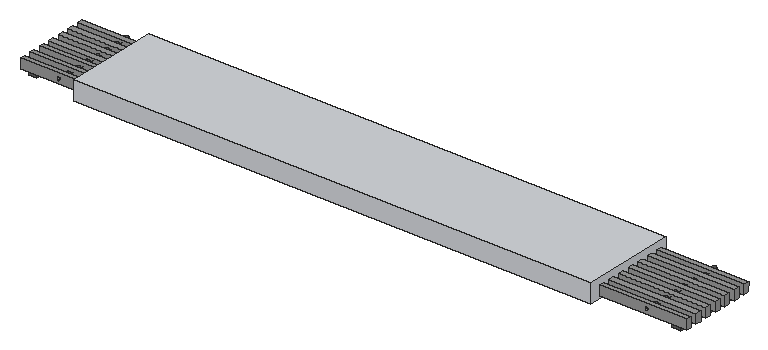
Revit family "1212-7, Solid", category Generic Models, host Face, Revit 2020
Family settings
  Host = Face
  Can host rebar = No
  Round Connector Dimension = Use Diameter
  Part Type = Normal
  Cut with Voids When Loaded = No
  Shared = No
  Room Calculation Point = No
Parameters
  min_value [instance] = 1' - 11 1/4"  # constant formula
  max_value [instance] = 11' - 11 1/4"  # constant formula
  actual_value [instance] = if(NET LENGTH < min_value, min_value, if(NET LENGTH > max_value, max_value, NET LENGTH))  # 7' - 11 1/4"
  NET LENGTH [instance] = 7' - 11 1/4"
  IMPORTANT NOTE!!!                                                                             *Backer & dowel layout is for visualization purposes only, final layout to be determined by 9Wood. [instance] = ""
  Default Elevation = 4' - 0"
  DOWEL RADIUS [instance] = 0' - 0 1/4"  # constant formula
  BACKING M MATERIAL [instance] = BLACK-BACKERS
  .. MEMBER WIDTH [instance] = 0' - 0 3/4"  # constant formula
  .. MEMBER MATERIAL [instance] = Solid Western Hemlock
  .. MEMBER DEPTH [instance] = 0' - 1 3/8"  # constant formula
  .. MEMBER COUNT [instance] = 7  # constant formula
Reference planes (in)
  plane 1 "Center (Front/Back)": y = 0
  plane 2: z = 2.726
  plane 3 "Center (Left/Right)": x = 0
Forms (in)
  Extrusion 1, solid
    sketch origin (15, -0.86619, -0.99308) x (0, 1, 0) y (-1, 0, 0)
      loop
        line (3.42869, -23.66817) -> (3.42869, 50.25) -> (-10, 50.25) -> (-10, -23.66817) -> (3.42869, -23.66817)
    from 3.71908 to 1.00111
Dimensions and locks (in)
  aligned and locked: plane 2 to Extrusion 1
Nested families (in)
  nested 1: "1200 Series" at (-44, -2, 1.87867), NET LENGTH <- "actual_value", DOWEL RADII <- "DOWEL RADIUS", .. MEMBER WIDTH <- ".. MEMBER WIDTH", .. MEMBER DEPTH <- ".. MEMBER DEPTH", .. MEMBER MATERIAL <- ".. MEMBER MATERIAL", BACKING M MATERIAL <- "BACKING M MATERIAL", .. MEMBER COUNT <- ".. MEMBER COUNT", type "1200 Series"
    with X 7' - 4", WIDTH 1' - 0 1/16", Space 0' - 0 11/16", START 0' - 0 3/8", SCRIM MATERIAL SCRIM, SCRIM 3 8' - 1", SCRIM 2 0' - 0 7/8", SCRIM 1 0' - 0 3/32", SCRIM yes, NET LENGTH 7' - 11 1/4", N 8, INSET 3 0' - 0 3/16", INSET 0' - 1", INDEX 0' - 5 5/8", END BACKER yes, DOWEL RADII 0' - 0 1/4", DOWEL COUNT 8, BACKING M WIDTH 0' - 1 1/4", BACKING M MATERIAL BLACK-BACKERS, BACKING M LENGTH 0' - 11 7/8", BACKING M DEPTH 0' - 0 1/2", .. MEMBER WIDTH 0' - 0 3/4", .. MEMBER OC TYP 0' - 1.71429", .. MEMBER MATERIAL Solid Western Hemlock, .. MEMBER DEPTH 0' - 1 3/8", .. MEMBER COUNT 7
Definition of nested family "1200 Series"
  Parameters (values of type "1200 Series")
    X [instance] = NET LENGTH - (0' 3 5/8" * 2)  # 6' - 2"
    WIDTH [instance] = 1' - 0 1/16"
    Space [instance] = 0' - 0 11/16"  # constant formula
    START [instance] = .. MEMBER WIDTH / 2  # 0' - 0 3/8"
    SCRIM MATERIAL [instance] = none
    SCRIM 3 [instance] = NET LENGTH + (SCRIM 2 * 2)  # 6' - 11"
    SCRIM 2 [instance] = 0' - 0 7/8"
    SCRIM 1 [instance] = 0' - 0 3/32"
    SCRIM [instance] = yes
    NET LENGTH [instance] = 6' - 9 1/4"
    N [instance] = if((X - (rounddown(X / 1' 0") * 1' 0")) > 1' 0", rounddown(X / 1' 0") + 2, rounddown(X / 1' 0") + 1)  # 7
    INSET 3 [instance] = 0' - 0 3/16"
    INSET [instance] = 0' - 1"
    INDEX [instance] = (NET LENGTH - ((N - 1) * 1' 0")) / 2  # 0' - 4 5/8"
    END BACKER [instance] = yes
    Default Elevation = 0' - 0"
    DOWEL RADII [instance] = 0' - 0 1/4"
    DOWEL COUNT [instance] = N  # 7
    BACKING M WIDTH [instance] = 0' - 1 1/4"
    BACKING M MATERIAL [instance] = none
    BACKING M LENGTH [instance] = 0' - 11 7/8"
    BACKING M DEPTH [instance] = 0' - 0 1/2"
    .. MEMBER WIDTH [instance] = 0' - 0 3/4"
    .. MEMBER OC TYP [instance] = 1' 0" / .. MEMBER COUNT  # 0' - 3"
    .. MEMBER MATERIAL [instance] = none
    .. MEMBER DEPTH [instance] = 0' - 1 3/8"
    .. MEMBER COUNT [instance] = 4
  Reference planes (in)
    plane 1 "Center (Front/Back)": y = -7.5
    plane 2: z = 0
    plane 3 "Center (Left/Right)": x = 0
    plane 4: x = 1
    plane 5: x = 4.625
    plane 6: x = 81.25
    plane 7: x = 80.25
    plane 8: x = 16.625
    plane 9: y = -7.3125
    plane 10: y = -4.125
    plane 11: y = -7.125
    plane 12: y = 4.5625
    plane 13: y = -4.5
    plane 14: y = -7.59375
    plane 15: x = 82.125
    plane 16: y = 4.65625
    plane 17: x = -0.875
    plane 18: z = -1.375
    plane 19: z = -0.6875
  Lines and regions (in)
    model lines
      curve 1: line (4.375, -7.5, -0.6875) -> (4.875, -7.5, -0.6875)
    model lines, not visible
      curve 2: line (4.625, -7.5, -0.9375) -> (4.625, -7.5, -0.4375)
      curve 3: line (4.375, -7.5, -0.6875) -> (4.875, -7.5, -0.6875)
      curve 4: line (16.625, -7.5, -0.9375) -> (16.625, -7.5, -0.4375)
      curve 5: line (16.375, -7.5, -0.6875) -> (16.875, -7.5, -0.6875)
      curve 6: line (28.625, -7.5, -0.9375) -> (28.625, -7.5, -0.4375)
      curve 7: line (28.375, -7.5, -0.6875) -> (28.875, -7.5, -0.6875)
      curve 8: line (40.625, -7.5, -0.9375) -> (40.625, -7.5, -0.4375)
      curve 9: line (40.375, -7.5, -0.6875) -> (40.875, -7.5, -0.6875)
      curve 10: line (52.625, -7.5, -0.9375) -> (52.625, -7.5, -0.4375)
      curve 11: line (52.375, -7.5, -0.6875) -> (52.875, -7.5, -0.6875)
      curve 12: line (64.625, -7.5, -0.9375) -> (64.625, -7.5, -0.4375)
      curve 13: line (64.375, -7.5, -0.6875) -> (64.875, -7.5, -0.6875)
      curve 14: line (76.625, -7.5, -0.9375) -> (76.625, -7.5, -0.4375)
      curve 15: line (76.375, -7.5, -0.6875) -> (76.875, -7.5, -0.6875)
  Dimensions and locks (in)
    "NET LENGTH": plane 3 "Center (Left/Right)" to plane 6
    "INSET": plane 7 to plane 6
    "INDEX": plane 3 "Center (Left/Right)" to plane 5
    plane 5 to plane 8 = 1' - 0"
    "INSET 3": plane 1 "Center (Front/Back)" to plane 9
    equal spacing: group 1, group 2, group 3, group 4  (x3)
    "START": plane 11 to plane 1 "Center (Front/Back)"
    ".. MEMBER OC TYP": plane 10 to plane 11
    "WIDTH": plane 12 to plane 1 "Center (Front/Back)"
    "START": plane 10 to plane 13
    "SCRIM 1": plane 14 to plane 1 "Center (Front/Back)"
    "SCRIM 2": plane 6 to plane 15
    "SCRIM 1": plane 12 to plane 16
    "SCRIM 2": plane 17 to plane 3 "Center (Left/Right)"
    "INSET": plane 3 "Center (Left/Right)" to plane 4
    equal spacing: group 5, group 6, group 7, group 8, group 9, group 10, group 11  (x3)
    "Space": plane 19 to plane 18
    aligned and locked: level to plane 2
    aligned and locked: nested 1 to plane 4  (x2)
    aligned and locked: plane 7 to nested 2
    aligned and locked: plane 5 to nested 3
    aligned and locked: nested 1 to plane 9
    aligned and locked: plane 1 "Center (Front/Back)" to nested 4
    aligned and locked: plane 9 to nested 2
    aligned and locked: plane 13 to nested 5
    aligned and locked: nested 3 to plane 9
    aligned and locked: plane 18 to nested 1
    aligned and locked: plane 19 to nested 3
    aligned and locked: curve 1 to plane 19
    aligned and locked: plane 8 to curve 4
    aligned and locked: curve 5 to plane 19
    aligned and locked: nested 4 to plane 18
  Automatic sketch dimensions
    curve 1 to curve 1 = 0' - 0 1/2"
    curve 1 to plane 5 = 0' - 0 1/4"
    plane 5 to curve 1 = 0' - 0 1/4"
    curve 3 to curve 2 = 0' - 0 1/4"  (x2)
    curve 2 to curve 3 = 0' - 0 1/4"  (x2)
    curve 5 to curve 4 = 0' - 0 1/4"  (x2)
    curve 4 to curve 5 = 0' - 0 1/4"  (x2)
    curve 7 to curve 6 = 0' - 0 1/4"  (x2)
    curve 6 to curve 7 = 0' - 0 1/4"  (x2)
    curve 9 to curve 8 = 0' - 0 1/4"  (x2)
    curve 8 to curve 9 = 0' - 0 1/4"  (x2)
    curve 11 to curve 10 = 0' - 0 1/4"  (x2)
    curve 10 to curve 11 = 0' - 0 1/4"  (x2)
    curve 13 to curve 12 = 0' - 0 1/4"  (x2)
    curve 12 to curve 13 = 0' - 0 1/4"  (x2)
    curve 15 to curve 14 = 0' - 0 1/4"  (x2)
    curve 14 to curve 15 = 0' - 0 1/4"  (x2)
  Nested families (in)
    nested 1: "INSTANCE - 2ND -  EXTEND SIDE H CENTER W - Parametric Cube" at (1, -1.375, -1.375) x (0, -1, 0) z (0, 0, 1), Width <- "BACKING M LENGTH", Length <- "BACKING M WIDTH", Material <- "BACKING M MATERIAL", Height <- "BACKING M DEPTH", visible <- "END BACKER", type "INSTANCE - 2ND -  EXTEND SIDE H CENTER W - Parametric Cube"
      with Width 0' - 11 7/8", Material none, Length 0' - 1 1/4", Height 0' - 0 1/2"
    nested 2: "INSTANCE - 2ND -  EXTEND SIDE H CENTER W - Parametric Cube" at (80.25, -1.375, -1.375) x (0, -1, 0) z (0, 0, 1), Width <- "BACKING M LENGTH", Length <- "BACKING M WIDTH", Material <- "BACKING M MATERIAL", Height <- "BACKING M DEPTH", visible <- "END BACKER", type "INSTANCE - 2ND -  EXTEND SIDE H CENTER W - Parametric Cube"
      with Width 0' - 11 7/8", Material none, Length 0' - 1 1/4", Height 0' - 0 1/2"
    nested 3: "Family3" at (-5.375, -7.3125, -0.6875), DOWEL RADII <- "DOWEL RADII", BACKING MEM MATERIAL <- "BACKING M MATERIAL", type "Family3"
      with DOWEL RADII 0' - 0 1/4", DOWEL LENGTH 0' - 11 7/8", BACKING MEM MATERIAL none
    nested 4: "HOLED MEMBER" at (0, -18.75, 6.19404), DOWEL RADII <- "DOWEL RADII", .. MEMBER LENGTH <- "NET LENGTH", DOWEL COUNT <- "DOWEL COUNT", DEPTH <- ".. MEMBER DEPTH", .. MEMBER WIDTH <- ".. MEMBER WIDTH", Material <- ".. MEMBER MATERIAL", DOWEL INDEX <- "INDEX", Space 2 <- "Space", type "HOLED MEMBER"
      with Width 0' - 6", Space 2 0' - 0 11/16", Material none, Length 1' - 0", Height 0' - 10.43096", DOWEL RADII 0' - 0 1/4", DOWEL OC DIST 1' - 0", DOWEL INDEX 0' - 4 5/8", DOWEL COUNT 7, DEPTH 0' - 1 3/8", .. MEMBER WIDTH 0' - 0 3/4", .. MEMBER LENGTH 6' - 9 1/4"
    nested 5: "HOLED MEMBER" at (0, -15.75, 6.19404), DOWEL RADII <- "DOWEL RADII", .. MEMBER LENGTH <- "NET LENGTH", DOWEL COUNT <- "DOWEL COUNT", DEPTH <- ".. MEMBER DEPTH", .. MEMBER WIDTH <- ".. MEMBER WIDTH", Material <- ".. MEMBER MATERIAL", DOWEL INDEX <- "INDEX", Space 2 <- "Space", type "HOLED MEMBER"
      with Width 0' - 6", Space 2 0' - 0 11/16", Material none, Length 1' - 0", Height 0' - 10.43096", DOWEL RADII 0' - 0 1/4", DOWEL OC DIST 1' - 0", DOWEL INDEX 0' - 4 5/8", DOWEL COUNT 7, DEPTH 0' - 1 3/8", .. MEMBER WIDTH 0' - 0 3/4", .. MEMBER LENGTH 6' - 9 1/4"
    nested 6: "HOLED MEMBER" at (0, -12.75, 6.19404), DOWEL RADII <- "DOWEL RADII", .. MEMBER LENGTH <- "NET LENGTH", DOWEL COUNT <- "DOWEL COUNT", DEPTH <- ".. MEMBER DEPTH", .. MEMBER WIDTH <- ".. MEMBER WIDTH", Material <- ".. MEMBER MATERIAL", DOWEL INDEX <- "INDEX", Space 2 <- "Space", type "HOLED MEMBER"
      with Width 0' - 6", Space 2 0' - 0 11/16", Material none, Length 1' - 0", Height 0' - 10.43096", DOWEL RADII 0' - 0 1/4", DOWEL OC DIST 1' - 0", DOWEL INDEX 0' - 4 5/8", DOWEL COUNT 7, DEPTH 0' - 1 3/8", .. MEMBER WIDTH 0' - 0 3/4", .. MEMBER LENGTH 6' - 9 1/4"
    nested 7: "HOLED MEMBER" at (0, -9.75, 6.19404), DOWEL RADII <- "DOWEL RADII", .. MEMBER LENGTH <- "NET LENGTH", DOWEL COUNT <- "DOWEL COUNT", DEPTH <- ".. MEMBER DEPTH", .. MEMBER WIDTH <- ".. MEMBER WIDTH", Material <- ".. MEMBER MATERIAL", DOWEL INDEX <- "INDEX", Space 2 <- "Space", type "HOLED MEMBER"
      with Width 0' - 6", Space 2 0' - 0 11/16", Material none, Length 1' - 0", Height 0' - 10.43096", DOWEL RADII 0' - 0 1/4", DOWEL OC DIST 1' - 0", DOWEL INDEX 0' - 4 5/8", DOWEL COUNT 7, DEPTH 0' - 1 3/8", .. MEMBER WIDTH 0' - 0 3/4", .. MEMBER LENGTH 6' - 9 1/4"
    nested 8: "Family3" at (6.625, -7.3125, -0.6875), DOWEL RADII <- "DOWEL RADII", BACKING MEM MATERIAL <- "BACKING M MATERIAL", type "Family3"
      with DOWEL RADII 0' - 0 1/4", DOWEL LENGTH 0' - 11 7/8", BACKING MEM MATERIAL none
    nested 9: "Family3" at (18.625, -7.3125, -0.6875), DOWEL RADII <- "DOWEL RADII", BACKING MEM MATERIAL <- "BACKING M MATERIAL", type "Family3"
      with DOWEL RADII 0' - 0 1/4", DOWEL LENGTH 0' - 11 7/8", BACKING MEM MATERIAL none
    nested 10: "Family3" at (30.625, -7.3125, -0.6875), DOWEL RADII <- "DOWEL RADII", BACKING MEM MATERIAL <- "BACKING M MATERIAL", type "Family3"
      with DOWEL RADII 0' - 0 1/4", DOWEL LENGTH 0' - 11 7/8", BACKING MEM MATERIAL none
    nested 11: "Family3" at (42.625, -7.3125, -0.6875), DOWEL RADII <- "DOWEL RADII", BACKING MEM MATERIAL <- "BACKING M MATERIAL", type "Family3"
      with DOWEL RADII 0' - 0 1/4", DOWEL LENGTH 0' - 11 7/8", BACKING MEM MATERIAL none
    nested 12: "Family3" at (54.625, -7.3125, -0.6875), DOWEL RADII <- "DOWEL RADII", BACKING MEM MATERIAL <- "BACKING M MATERIAL", type "Family3"
      with DOWEL RADII 0' - 0 1/4", DOWEL LENGTH 0' - 11 7/8", BACKING MEM MATERIAL none
    nested 13: "Family3" at (66.625, -7.3125, -0.6875), DOWEL RADII <- "DOWEL RADII", BACKING MEM MATERIAL <- "BACKING M MATERIAL", type "Family3"
      with DOWEL RADII 0' - 0 1/4", DOWEL LENGTH 0' - 11 7/8", BACKING MEM MATERIAL none
  Definition of nested family "INSTANCE - 2ND -  EXTEND SIDE H CENTER W - Parametric Cube"
    Parameters (values of type "INSTANCE - 2ND -  EXTEND SIDE H CENTER W - Parametric Cube")
      Width [instance] = 0' - 6"
      Material [instance] = none
      Length [instance] = 1' - 0"
      Height [instance] = 1' - 6"
      Default Elevation = 0' - 0"
    Reference planes (in)
      plane 1 "Center (Front/Back)": y = 0
      plane 2: z = 0
      plane 3 "Center (Left/Right)": x = 0
      plane 4: x = -3
      plane 5: x = 3
      plane 6: y = 12
      plane 7: z = -18
    Forms (in)
      Extrusion 1, solid, material <- "Material"
        sketch origin (0, 6, 0) x (1, 0, 0) y (0, 1, 0)
          loop
            line (-3, 6) -> (-3, -6) -> (3, -6) -> (3, 6) -> (-3, 6)
        from -18 to 0
    Dimensions and locks (in)
      equal spacing: plane 4, plane 3 "Center (Left/Right)", plane 5
      "Width": plane 4 to plane 5
      "Height": plane 7 to level
      "Length": plane 1 "Center (Front/Back)" to plane 6
      aligned and locked: plane 2 to level
      aligned and locked: plane 4 to Extrusion 1 sketch curve
      aligned and locked: Extrusion 1 sketch curve to plane 5
      aligned and locked: Extrusion 1 to plane 7
      aligned and locked: plane 6 to Extrusion 1
    Automatic sketch dimensions
      plane 1 "Center (Front/Back)" to Extrusion 1 sketch curve = 0' - 0"
      plane 6 to Extrusion 1 sketch curve = 0' - 0"
  Definition of nested family "Family3"
    Parameters (values of type "Family3")
      Default Elevation = 0' - 0"
      DOWEL RADII [instance] = 0' - 0 5/8"
      DOWEL LENGTH [instance] = 0' - 5"
      BACKING MEM MATERIAL [instance] = none
    Reference planes (in)
      plane 1 "Center (Front/Back)": y = 0
      plane 2: z = 0
      plane 3 "Center (Left/Right)": x = 0
      plane 4: y = 5
    Forms (in)
      Extrusion 1, solid, material <- "BACKING MEM MATERIAL"
        sketch origin (10, 0, 0) x (1, 0, 0) y (0, 0, 1)
          loop
            circle (0, 0) r 0.625
        from 0 to -5
      Extrusion 2, solid, not visible
        sketch origin (0, 0, 0) x (1, 0, 0) y (0, 0, 1)
          loop
            circle (0, 0) r 0.625
        from 0 to 12
      Extrusion 3, solid, not visible
        sketch origin (10, 0, 0) x (1, 0, 0) y (0, 0, 1)
          loop
            circle (0, 0) r 0.625
        from 0 to 2.5
      Extrusion 4, solid, not visible
        sketch origin (10, 0, 0) x (1, 0, 0) y (0, 0, 1)
          loop
            circle (0, 0) r 0.625
        from 0 to -12
    Lines and regions (in)
      model lines, not visible
        curve 1: line (-13, 0, 0) -> (-13, -12, 0)
        curve 2: line (13, 0, 0) -> (13, -12, 0)
        curve 3: line (9.89453, 0, 0) -> (10.08794, 0, 0)
        curve 4: line (9.89453, -2.5, 0) -> (10.08794, -2.5, 0)
        curve 6: line (10, 0, 0) -> (10, 2, 0)
      model lines
        curve 5: line (10, 0, 0) -> (10, 2, 0)
    Dimensions and locks (in)
      "DOWEL LENGTH": plane 1 "Center (Front/Back)" to plane 4
      "DOWEL RADII": radius of Extrusion 1 sketch curve
      "DOWEL RADII": radius of Extrusion 2 sketch curve
      "DOWEL RADII": radius of Extrusion 3 sketch curve
      "DOWEL RADII": radius of Extrusion 4 sketch curve
      "DOWEL RADII": radius of Extrusion 1
      aligned and locked: plane 2 to level
      aligned and locked: Extrusion 1 to plane 1 "Center (Front/Back)"  (x3)
      aligned and locked: plane 1 "Center (Front/Back)" to Extrusion 1
      aligned and locked: plane 4 to Extrusion 1
    Automatic sketch dimensions
      plane 1 "Center (Front/Back)" to curve 5 = 0' - 0"
      curve 5 to plane 1 "Center (Front/Back)" = 0' - 2"
      plane 3 "Center (Left/Right)" to curve 5 = 0' - 10"
      Extrusion 1 sketch curve to level = 0' - 0"
      plane 3 "Center (Left/Right)" to Extrusion 1 sketch curve = 0' - 10"
  Definition of nested family "HOLED MEMBER"
    Parameters (values of type "HOLED MEMBER")
      Width [instance] = 0' - 6"
      Space 2 [instance] = 0' - 0 5/8"
      Space = 0' - 0 5/8"
      Material [instance] = none
      Length [instance] = 1' - 0"
      Height [instance] = 0' - 10.43096"
      Default Elevation = 0' - 0"
      DOWEL RADII [instance] = 0' - 0.34537"
      DOWEL OC DIST [instance] = 1' - 0"
      DOWEL INSET = 0' - 0 5/8"
      DOWEL INDEX [instance] = 0' - 5 5/8"
      DOWEL COUNT [instance] = 6
      DEPTH [instance] = 0' - 2"
      .. MEMBER WIDTH [instance] = 0' - 0 5/8"
      .. MEMBER LENGTH [instance] = 5' - 11 3/4"
    Reference planes (in)
      plane 1 "Center (Front/Back)": y = 12
      plane 2: z = -7.56904
      plane 3 "Center (Left/Right)": x = 0
      plane 4: x = 5.625
      plane 5: x = 17.625
      plane 6: y = 11.375
      plane 7: x = 71.75
      plane 8: z = -6.94404
      plane 9: z = -5.56904
    Forms (in)
      Extrusion 1, solid, material <- "Material"
        sketch origin (0, 12, -13.56904) x (1, 0, 0) y (0, 0, 1)
          loop
            line (0, 6) -> (71.75, 6) -> (71.75, 8) -> (0, 8) -> (0, 6)
        from 0.625 to 0
      Extrusion 2, void
        sketch origin (0, 12, -18.31904) x (1, 0, 0) y (0, 0, 1)
          loop
            circle (5.625, 11.375) r 0.34537
        from 0 to 12
      Extrusion 3, void, not visible
        sketch origin (0, 1.25, 0) x (1, 0, 0) y (0, 1, 0)
          loop
            circle (5.625, 11.375) r 0.34537
        from 0 to 12
      Extrusion 4, void, not visible
        sketch origin (0, 1.25, 0) x (1, 0, 0) y (0, 1, 0)
          loop
            circle (5.625, 11.375) r 0.34537
        from 0 to 12
      Extrusion 5, void, not visible
        sketch origin (12, 1.25, 0) x (1, 0, 0) y (0, 1, 0)
          loop
            circle (5.625, 11.375) r 0.34537
        from 0 to 12
      Extrusion 6, void, not visible
        sketch origin (0, 12, -16.31904) x (1, 0, 0) y (0, 0, 1)
          loop
            circle (5.625, 11.375) r 0.34537
        from 0 to 12
      Extrusion 7, void, not visible
        sketch origin (12, 12, -16.31904) x (1, 0, 0) y (0, 0, 1)
          loop
            circle (5.625, 11.375) r 0.34537
        from 0 to 12
      Extrusion 8, void, not visible
        sketch origin (0, 12, -18.31904) x (1, 0, 0) y (0, 0, 1)
          loop
            circle (5.625, 11.375) r 0.34537
        from 0 to 12
      Extrusion 9, void
        sketch origin (12, 12, -18.31904) x (1, 0, 0) y (0, 0, 1)
          loop
            circle (5.625, 11.375) r 0.34537
        from 0 to 12
      Extrusion 10, void, not visible
        sketch origin (24, 12, -16.31904) x (1, 0, 0) y (0, 0, 1)
          loop
            circle (5.625, 11.375) r 0.34537
        from 0 to 12
      Extrusion 11, void, not visible
        sketch origin (36, 12, -16.31904) x (1, 0, 0) y (0, 0, 1)
          loop
            circle (5.625, 11.375) r 0.34537
        from 0 to 12
      Extrusion 12, void, not visible
        sketch origin (48, 12, -16.31904) x (1, 0, 0) y (0, 0, 1)
          loop
            circle (5.625, 11.375) r 0.34537
        from 0 to 12
      Extrusion 13, void, not visible
        sketch origin (60, 12, -16.31904) x (1, 0, 0) y (0, 0, 1)
          loop
            circle (5.625, 11.375) r 0.34537
        from 0 to 12
      Extrusion 14, void, not visible
        sketch origin (24, 1.25, 0) x (1, 0, 0) y (0, 1, 0)
          loop
            circle (5.625, 11.375) r 0.34537
        from 0 to 12
      Extrusion 15, void, not visible
        sketch origin (36, 1.25, 0) x (1, 0, 0) y (0, 1, 0)
          loop
            circle (5.625, 11.375) r 0.34537
        from 0 to 12
      Extrusion 16, void, not visible
        sketch origin (48, 1.25, 0) x (1, 0, 0) y (0, 1, 0)
          loop
            circle (5.625, 11.375) r 0.34537
        from 0 to 12
      Extrusion 17, void, not visible
        sketch origin (60, 1.25, 0) x (1, 0, 0) y (0, 1, 0)
          loop
            circle (5.625, 11.375) r 0.34537
        from 0 to 12
      Extrusion 18, void
        sketch origin (24, 12, -18.31904) x (1, 0, 0) y (0, 0, 1)
          loop
            circle (5.625, 11.375) r 0.34537
        from 0 to 12
      Extrusion 19, void
        sketch origin (36, 12, -18.31904) x (1, 0, 0) y (0, 0, 1)
          loop
            circle (5.625, 11.375) r 0.34537
        from 0 to 12
      Extrusion 20, void
        sketch origin (48, 12, -18.31904) x (1, 0, 0) y (0, 0, 1)
          loop
            circle (5.625, 11.375) r 0.34537
        from 0 to 12
      Extrusion 21, void
        sketch origin (60, 12, -18.31904) x (1, 0, 0) y (0, 0, 1)
          loop
            circle (5.625, 11.375) r 0.34537
        from 0 to 12
    Cuts and joins
      Extrusion 2, Extrusion 9, Extrusion 18, Extrusion 19, Extrusion 20, Extrusion 21 cuts Extrusion 1
    Lines and regions (in)
      model lines, not visible
        curve 1: line (5.625, 11.72037, 0) -> (5.625, 11.02963, 0)
        curve 2: line (5.625, 11.72037, 0) -> (5.625, 11.02963, 0)
        curve 3: line (17.625, 11.72037, 0) -> (17.625, 11.02963, 0)
        curve 4: line (5.625, 12, -7.56904) -> (5.625, 11.87317, -7.56904)
        curve 5: line (5.625, 11.87317, -7.56904) -> (5.06195, 11.87317, -7.56904)
        curve 6: line (5.06195, 11.87317, -7.56904) -> (5.27963, 11.375, -7.56904)
        curve 7: line (0, 12, -6.19404) -> (0, 11.61951, -6.19404)
        curve 8: line (0, 11.375, -8.19404) -> (0, 11.6747, -8.19404)
        curve 9: line (5.625, 12, -7.56904) -> (5.625, 11.69863, -7.56904)
        curve 11: line (5.625, 12, 0) -> (5.625, 12, 0.30137)
        curve 12: line (5.625, 12, 0) -> (5.625, 12, 0.30137)
        curve 13: line (17.625, 12, 0) -> (17.625, 12, 0.30137)
        curve 14: line (5.625, 12, -5.56904) -> (5.625, 11.69863, -5.56904)
        curve 15: line (17.625, 12, -5.56904) -> (17.625, 11.69863, -5.56904)
        curve 16: line (5.625, 12, -7.56904) -> (5.625, 11.69863, -7.56904)
        curve 18: line (29.625, 12, -5.56904) -> (29.625, 11.69863, -5.56904)
        curve 19: line (41.625, 12, -5.56904) -> (41.625, 11.69863, -5.56904)
        curve 20: line (53.625, 12, -5.56904) -> (53.625, 11.69863, -5.56904)
        curve 21: line (65.625, 12, -5.56904) -> (65.625, 11.69863, -5.56904)
        curve 22: line (29.625, 11.72037, 0) -> (29.625, 11.02963, 0)
        curve 23: line (29.625, 12, 0) -> (29.625, 12, 0.30137)
        curve 24: line (41.625, 11.72037, 0) -> (41.625, 11.02963, 0)
        curve 25: line (41.625, 12, 0) -> (41.625, 12, 0.30137)
        curve 26: line (53.625, 11.72037, 0) -> (53.625, 11.02963, 0)
        curve 27: line (53.625, 12, 0) -> (53.625, 12, 0.30137)
        curve 28: line (65.625, 11.72037, 0) -> (65.625, 11.02963, 0)
        curve 29: line (65.625, 12, 0) -> (65.625, 12, 0.30137)
        curve 35: line (5.27963, 12.625, 0) -> (5.97037, 12.625, 0)
        curve 36: line (5.27963, 12.625, 0) -> (5.97037, 12.625, 0)
        curve 37: line (17.27963, 12.625, 0) -> (17.97037, 12.625, 0)
        curve 38: line (5.27963, 12, -4.94404) -> (5.97037, 12, -4.94404)
        curve 39: line (17.27963, 12, -4.94404) -> (17.97037, 12, -4.94404)
        curve 40: line (5.27963, 12, -6.94404) -> (5.97037, 12, -6.94404)
        curve 42: line (29.27963, 12, -4.94404) -> (29.97037, 12, -4.94404)
        curve 43: line (41.27963, 12, -4.94404) -> (41.97037, 12, -4.94404)
        curve 44: line (53.27963, 12, -4.94404) -> (53.97037, 12, -4.94404)
        curve 45: line (65.27963, 12, -4.94404) -> (65.97037, 12, -4.94404)
        curve 46: line (29.27963, 12.625, 0) -> (29.97037, 12.625, 0)
        curve 47: line (41.27963, 12.625, 0) -> (41.97037, 12.625, 0)
        curve 48: line (53.27963, 12.625, 0) -> (53.97037, 12.625, 0)
        curve 49: line (65.27963, 12.625, 0) -> (65.97037, 12.625, 0)
        curve 54: line (0, 12, -6.94404) -> (0, 4.22059, -6.94404)
        curve 55: line (0, 12.625, 0) -> (0, 12.625, 7.77941)
        curve 56: line (0, 12.625, 0) -> (0, 12.625, 7.77941)
        curve 57: line (12, 12.625, 0) -> (12, 12.625, 7.77941)
        curve 58: line (0, 12, -4.94404) -> (0, 4.22059, -4.94404)
        curve 59: line (12, 12, -4.94404) -> (12, 4.22059, -4.94404)
        curve 60: line (0, 12, -6.94404) -> (0, 4.22059, -6.94404)
        curve 61: line (12, 12, -6.94404) -> (12, 4.22059, -6.94404)
        curve 62: line (24, 12, -4.94404) -> (24, 4.22059, -4.94404)
        curve 63: line (36, 12, -4.94404) -> (36, 4.22059, -4.94404)
        curve 64: line (48, 12, -4.94404) -> (48, 4.22059, -4.94404)
        curve 65: line (60, 12, -4.94404) -> (60, 4.22059, -4.94404)
        curve 66: line (24, 12.625, 0) -> (24, 12.625, 7.77941)
        curve 67: line (36, 12.625, 0) -> (36, 12.625, 7.77941)
        curve 68: line (48, 12.625, 0) -> (48, 12.625, 7.77941)
        curve 69: line (60, 12.625, 0) -> (60, 12.625, 7.77941)
        curve 70: line (24, 12, -6.94404) -> (24, 4.22059, -6.94404)
        curve 71: line (36, 12, -6.94404) -> (36, 4.22059, -6.94404)
        curve 72: line (48, 12, -6.94404) -> (48, 4.22059, -6.94404)
        curve 73: line (60, 12, -6.94404) -> (60, 4.22059, -6.94404)
      model lines
        curve 10: line (5.625, 12, -7.56904) -> (5.625, 11.69863, -7.56904)
        curve 17: line (17.625, 12, -7.56904) -> (17.625, 11.69863, -7.56904)
        curve 30: line (29.625, 12, -7.56904) -> (29.625, 11.69863, -7.56904)
        curve 31: line (41.625, 12, -7.56904) -> (41.625, 11.69863, -7.56904)
        curve 32: line (53.625, 12, -7.56904) -> (53.625, 11.69863, -7.56904)
        curve 33: line (65.625, 12, -7.56904) -> (65.625, 11.69863, -7.56904)
        curve 34: line (5.27963, 12, -6.94404) -> (5.97037, 12, -6.94404)
        curve 41: line (17.27963, 12, -6.94404) -> (17.97037, 12, -6.94404)
        curve 50: line (29.27963, 12, -6.94404) -> (29.97037, 12, -6.94404)
        curve 51: line (41.27963, 12, -6.94404) -> (41.97037, 12, -6.94404)
        curve 52: line (53.27963, 12, -6.94404) -> (53.97037, 12, -6.94404)
        curve 53: line (65.27963, 12, -6.94404) -> (65.97037, 12, -6.94404)
    Dimensions and locks (in)
      "DOWEL INDEX": plane 3 "Center (Left/Right)" to plane 4
      "DOWEL OC DIST": plane 4 to plane 5
      ".. MEMBER LENGTH": plane 3 "Center (Left/Right)" to plane 7
      equal spacing: group 3, group 4, group 17, group 18, group 19, group 20  (x3)
      equal spacing: group 7, group 8, group 13, group 14, group 15, group 16  (x3)
      equal spacing: group 1, group 12, group 21, group 22, group 23, group 24  (x3)
      ".. MEMBER WIDTH": plane 6 to plane 1 "Center (Front/Back)"
      "DEPTH": plane 9 to level
      "Space 2": plane 8 to level
      "DOWEL RADII": radius of Extrusion 2 sketch curve
      "DOWEL RADII": radius of Extrusion 3 sketch curve
      "DOWEL RADII": radius of Extrusion 4 sketch curve
      "DOWEL RADII": radius of Extrusion 5 sketch curve
      "DOWEL RADII": radius of Extrusion 6 sketch curve
      "DOWEL RADII": radius of Extrusion 7 sketch curve
      "DOWEL RADII": radius of Extrusion 8 sketch curve
      "DOWEL RADII": radius of Extrusion 9 sketch curve
      "DOWEL RADII": radius of Extrusion 10 sketch curve
      "DOWEL RADII": radius of Extrusion 11 sketch curve
      "DOWEL RADII": radius of Extrusion 12 sketch curve
      "DOWEL RADII": radius of Extrusion 13 sketch curve
      "DOWEL RADII": radius of Extrusion 14 sketch curve
      "DOWEL RADII": radius of Extrusion 15 sketch curve
      "DOWEL RADII": radius of Extrusion 16 sketch curve
      "DOWEL RADII": radius of Extrusion 17 sketch curve
      "DOWEL RADII": radius of Extrusion 18 sketch curve
      "DOWEL RADII": radius of Extrusion 19 sketch curve
      "DOWEL RADII": radius of Extrusion 20 sketch curve
      "DOWEL RADII": radius of Extrusion 21 sketch curve
      aligned and locked: level to plane 2
      aligned and locked: Extrusion 1 to plane 3 "Center (Left/Right)"  (x2)
      aligned and locked: plane 7 to cut or joined group of Extrusion 1, Extrusion 2, Extrusion 9, Extrusion 18, Extrusion 19, Extrusion 20, Extrusion 21  (x2)
      aligned and locked: cut or joined group of Extrusion 1, Extrusion 2, Extrusion 9, Extrusion 18, Extrusion 19, Extrusion 20, Extrusion 21 to plane 1 "Center (Front/Back)"  (x2)
      aligned and locked: cut or joined group of Extrusion 1, Extrusion 2, Extrusion 9, Extrusion 18, Extrusion 19, Extrusion 20, Extrusion 21 to plane 6  (x2)
      aligned and locked: plane 4 to curve 10
      aligned and locked: plane 5 to curve 17
      aligned and locked: plane 9 to cut or joined group of Extrusion 1, Extrusion 2, Extrusion 9, Extrusion 18, Extrusion 19, Extrusion 20, Extrusion 21  (x2)
      aligned and locked: cut or joined group of Extrusion 1, Extrusion 2, Extrusion 9, Extrusion 18, Extrusion 19, Extrusion 20, Extrusion 21 to level
      aligned and locked: plane 8 to Extrusion 2
      aligned and locked: curve 34 to plane 8
      aligned and locked: curve 41 to plane 8
      aligned and locked: level to curve 10
      aligned and locked: curve 10 to level
      aligned and locked: plane 8 to cut or joined group of Extrusion 1, Extrusion 2, Extrusion 9, Extrusion 18, Extrusion 19, Extrusion 20, Extrusion 21
      aligned and locked: curve 54 to plane 8
    Automatic sketch dimensions
      curve 1 to curve 1 = 0' - 0.69074"
      curve 2 to curve 2 = 0' - 0.69074"
      curve 3 to curve 3 = 0' - 0.69074"
      Extrusion 1 sketch curve to plane 3 "Center (Left/Right)" = 0' - 0"
      Extrusion 1 sketch curve to plane 7 = 0' - 0"
      Extrusion 1 sketch curve to Extrusion 1 sketch curve = 0' - 2"
      level to Extrusion 1 sketch curve = 0' - 0"
      curve 9 to curve 9 = 0' - 0.30137"
      curve 10 to curve 10 = 0' - 0.30137"
      curve 11 to curve 11 = 0' - 0.30137"
      curve 12 to curve 12 = 0' - 0.30137"
      curve 13 to curve 13 = 0' - 0.30137"
      curve 14 to curve 14 = 0' - 0.30137"
      curve 15 to curve 15 = 0' - 0.30137"
      curve 16 to curve 16 = 0' - 0.30137"
      curve 17 to curve 17 = 0' - 0.30137"
      curve 18 to curve 18 = 0' - 0.30137"
      curve 19 to curve 19 = 0' - 0.30137"
      curve 20 to curve 20 = 0' - 0.30137"
      curve 21 to curve 21 = 0' - 0.30137"
      curve 22 to curve 22 = 0' - 0.69074"
      curve 23 to curve 23 = 0' - 0.30137"
      curve 24 to curve 24 = 0' - 0.69074"
      curve 25 to curve 25 = 0' - 0.30137"
      curve 26 to curve 26 = 0' - 0.69074"
      curve 27 to curve 27 = 0' - 0.30137"
      curve 28 to curve 28 = 0' - 0.69074"
      curve 29 to curve 29 = 0' - 0.30137"
      curve 30 to curve 30 = 0' - 0.30137"
      curve 31 to curve 31 = 0' - 0.30137"
      curve 32 to curve 32 = 0' - 0.30137"
      curve 33 to curve 33 = 0' - 0.30137"
      curve 34 to curve 34 = 0' - 0.69074"
      curve 35 to curve 35 = 0' - 0.69074"
      curve 36 to curve 36 = 0' - 0.69074"
      curve 37 to curve 37 = 0' - 0.69074"
      curve 38 to curve 38 = 0' - 0.69074"
      curve 39 to curve 39 = 0' - 0.69074"
      curve 40 to curve 40 = 0' - 0.69074"
      curve 41 to curve 41 = 0' - 0.69074"
      curve 42 to curve 42 = 0' - 0.69074"
      curve 43 to curve 43 = 0' - 0.69074"
      curve 44 to curve 44 = 0' - 0.69074"
      curve 45 to curve 45 = 0' - 0.69074"
      curve 46 to curve 46 = 0' - 0.69074"
      curve 47 to curve 47 = 0' - 0.69074"
      curve 48 to curve 48 = 0' - 0.69074"
      curve 49 to curve 49 = 0' - 0.69074"
      curve 50 to curve 50 = 0' - 0.69074"
      curve 51 to curve 51 = 0' - 0.69074"
      curve 52 to curve 52 = 0' - 0.69074"
      curve 53 to curve 53 = 0' - 0.69074"
      curve 54 to curve 54 = 0' - 7.77941"
      curve 55 to curve 55 = 0' - 7.77941"
      curve 56 to curve 56 = 0' - 7.77941"
      curve 57 to curve 57 = 0' - 7.77941"
      curve 58 to curve 58 = 0' - 7.77941"
      curve 59 to curve 59 = 0' - 7.77941"
      curve 60 to curve 60 = 0' - 7.77941"
      curve 61 to curve 61 = 0' - 7.77941"
      curve 62 to curve 62 = 0' - 7.77941"
      curve 63 to curve 63 = 0' - 7.77941"
      curve 64 to curve 64 = 0' - 7.77941"
      curve 65 to curve 65 = 0' - 7.77941"
      curve 66 to curve 66 = 0' - 7.77941"
      curve 67 to curve 67 = 0' - 7.77941"
      curve 68 to curve 68 = 0' - 7.77941"
      curve 69 to curve 69 = 0' - 7.77941"
      curve 70 to curve 70 = 0' - 7.77941"
      curve 71 to curve 71 = 0' - 7.77941"
      curve 72 to curve 72 = 0' - 7.77941"
      curve 73 to curve 73 = 0' - 7.77941"
